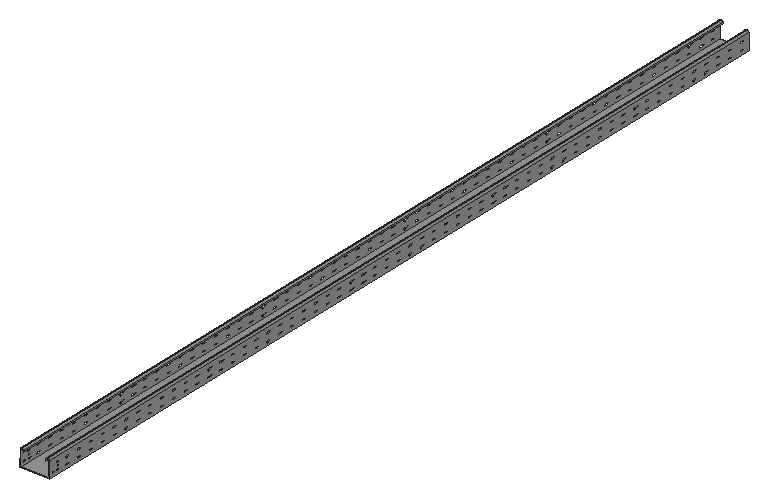
Revit family "Kabelrinne_rksm_A4_610_620_630_640_650_660", category Generic Models, Revit 2017 (continued)
Dimensions and locks
  locked: cut or joined group 1 (Extrusion 1, Extrusion 5, Extrusion 8, Extrusion 10, Extrusion 11, Extrusion 13, Extrusion 14, Extrusion 15, Extrusion 16, Extrusion 17, Extrusion 18, Extrusion 19, Extrusion 20, Extrusion 21, Extrusion 22, Extrusion 23, Extrusion 24, Extrusion 25, Extrusion 26, Extrusion 27, Extrusion 28, Extrusion 29, Extrusion 30, Extrusion 31, Extrusion 32, Extrusion 33, Extrusion 34, Extrusion 35, Extrusion 36, Extrusion 37, Extrusion 38, Extrusion 39, Extrusion 40, Extrusion 41, Extrusion 42, Extrusion 43, Extrusion 44, Extrusion 45, Extrusion 46, Extrusion 47, Extrusion 48, Extrusion 49, Extrusion 50, Extrusion 51, Extrusion 52, Extrusion 53, Extrusion 54, Extrusion 55, Extrusion 56, Extrusion 57, Extrusion 58, Extrusion 59, Extrusion 60, Extrusion 61, Extrusion 62, Extrusion 63, Extrusion 64, Extrusion 65, Extrusion 66, Extrusion 67, Extrusion 68, Extrusion 69, Extrusion 70, Extrusion 71, Extrusion 72, Extrusion 73, Extrusion 74, Extrusion 75, Extrusion 76, Extrusion 77, Extrusion 78, Extrusion 79, Extrusion 80, Extrusion 81, Extrusion 82, Extrusion 83, Extrusion 84, Extrusion 85, Extrusion 86, Extrusion 87, Extrusion 88, Extrusion 89, Extrusion 90, Extrusion 91, Extrusion 92, Extrusion 93, Extrusion 94, Extrusion 95, Extrusion 96, Extrusion 97, Extrusion 98, Extrusion 99, Extrusion 100, Extrusion 101, Extrusion 102, Extrusion 103, Extrusion 104, Extrusion 105, Extrusion 106, Extrusion 107, Extrusion 108, Extrusion 109, Extrusion 110, Extrusion 111, Extrusion 112, Extrusion 113, Extrusion 114, Extrusion 115, Extrusion 116, Extrusion 117, Extrusion 118, Extrusion 119, Extrusion 120, Extrusion 121, Extrusion 122, Extrusion 123, Extrusion 124, Extrusion 125, Extrusion 126, Extrusion 127, Extrusion 128, Extrusion 129, Extrusion 130, Extrusion 131, Extrusion 132, Extrusion 133, Extrusion 134, Extrusion 135, Extrusion 136, Extrusion 137, Extrusion 138, Extrusion 139, Extrusion 140, Extrusion 141, Extrusion 142, Extrusion 143, Extrusion 144, Extrusion 145, Extrusion 146, Extrusion 147, Extrusion 148, Extrusion 149, Extrusion 150, Extrusion 151, Extrusion 152, Extrusion 153, Extrusion 154, Extrusion 155, Extrusion 156, Extrusion 157, Extrusion 158, Extrusion 159, Extrusion 160, Extrusion 161, Extrusion 162, Extrusion 163, Extrusion 164, Extrusion 165, Extrusion 166, Extrusion 167, Extrusion 168, Extrusion 169, Extrusion 170, Extrusion 171, Extrusion 172, Extrusion 173, Extrusion 174, Extrusion 175, Extrusion 176, Extrusion 177, Extrusion 178, Extrusion 179, Extrusion 180, Extrusion 181, Extrusion 182, Extrusion 183, Extrusion 184, Extrusion 185, Extrusion 186, Extrusion 187, Extrusion 188, Extrusion 189, Extrusion 190, Extrusion 191, Extrusion 192, Extrusion 193, Extrusion 194, Extrusion 195, Extrusion 196, Extrusion 197, Extrusion 198, Extrusion 199, Extrusion 200, Extrusion 201, Extrusion 202, Extrusion 203, Extrusion 204, Extrusion 205, Extrusion 206, Extrusion 207, Extrusion 208, Extrusion 209, Extrusion 210, Extrusion 211, Extrusion 212, Extrusion 213, Extrusion 214, Extrusion 215, Extrusion 216, Extrusion 217, Extrusion 218, Extrusion 219, Extrusion 220, Extrusion 221, Extrusion 222, Extrusion 223, Extrusion 224, Extrusion 225, Extrusion 226, Extrusion 227, Extrusion 228, Extrusion 229, Extrusion 230, Extrusion 231, Extrusion 232, Extrusion 233, Extrusion 234, Extrusion 235, Extrusion 236, Extrusion 237, Extrusion 238, Extrusion 239, Extrusion 240, Extrusion 241, Extrusion 242, Extrusion 243, Extrusion 244, Extrusion 245, Extrusion 246, Extrusion 247, Extrusion 248, Extrusion 249, Extrusion 250, Extrusion 251, Extrusion 252, Extrusion 253, Extrusion 254, Extrusion 255, Extrusion 256, Extrusion 257, Extrusion 258, Extrusion 259, Extrusion 260, Extrusion 261, Extrusion 262, Extrusion 263, Extrusion 264, Extrusion 265, Extrusion 266, Extrusion 267, Extrusion 268, Extrusion 269, Extrusion 270, Extrusion 271, Extrusion 272, Extrusion 273, Extrusion 274, Extrusion 275, Extrusion 276, Extrusion 277) to Extrusion 275 sketch curve at 34
  locked: Extrusion 275 sketch curve to Extrusion 275 sketch curve at 7
  locked: Extrusion 275 sketch curve to cut or joined group 1 at 28
  locked: Extrusion 275 sketch curve to cut or joined group 1 at 43
  locked: plane 22 to plane 21 at 1
  locked: cut or joined group 1 to cut or joined group 1 at 18
  locked: Extrusion 276 sketch curve to Extrusion 276 sketch curve at 8  (x2)
  locked: cut or joined group 1 to Extrusion 276 sketch curve at 21
  locked: cut or joined group 1 to Extrusion 276 sketch curve at 31.512
  locked: cut or joined group 1 to cut or joined group 1 at 5  (x2)
  locked: plane 23 to plane 24 at 1
  locked: Extrusion 277 sketch curve to Extrusion 277 sketch curve at 8
  locked: Extrusion 277 sketch curve to cut or joined group 1 at 31.5
  locked: cut or joined group 1 to Extrusion 277 sketch curve at 21
  locked: cut or joined group 1 to Extrusion 277 sketch curve at 8
  locked: plane 26 to plane 25 at 1
  locked: Extrusion 277 to Extrusion 277 at 1.025
  plane 27 to plane 28 = 1 mm
  locked: plane 27 to plane 28 at 1
  radius of Extrusion 1 sketch curve = 6 mm  (x2)
  radius of Extrusion 241 sketch curve = 5.5 mm
  radius of Extrusion 242 sketch curve = 5.5 mm
  radius of Extrusion 243 sketch curve = 5.5 mm
  radius of Extrusion 244 sketch curve = 5.5 mm
  radius of Extrusion 245 sketch curve = 5.5 mm
  radius of Extrusion 246 sketch curve = 5.5 mm
  radius of Extrusion 247 sketch curve = 5.5 mm
  radius of Extrusion 248 sketch curve = 5.5 mm
  radius of Extrusion 249 sketch curve = 5.5 mm
  radius of Extrusion 250 sketch curve = 5.5 mm
  radius of Extrusion 251 sketch curve = 5.5 mm
  radius of Extrusion 252 sketch curve = 5.5 mm
  radius of Extrusion 253 sketch curve = 5.5 mm
  radius of Extrusion 254 sketch curve = 5.5 mm
  radius of Extrusion 255 sketch curve = 5.5 mm
  radius of Extrusion 256 sketch curve = 5.5 mm
  radius of Extrusion 257 sketch curve = 5.5 mm
  radius of Extrusion 258 sketch curve = 5.5 mm
  radius of Extrusion 259 sketch curve = 5.5 mm
  radius of Extrusion 260 sketch curve = 5.5 mm
  radius of Extrusion 261 sketch curve = 5.5 mm
  radius of Extrusion 262 sketch curve = 5.5 mm
  radius of Extrusion 263 sketch curve = 5.5 mm
  radius of Extrusion 264 sketch curve = 5.5 mm
  radius of Extrusion 265 sketch curve = 5.5 mm
  radius of Extrusion 266 sketch curve = 5.5 mm
  radius of Extrusion 267 sketch curve = 5.5 mm
  radius of Extrusion 268 sketch curve = 5.5 mm
  radius of Extrusion 269 sketch curve = 5.5 mm
  diameter of cut or joined group 1 = 11 mm  (x2)
  aligned and locked: level to plane 2
  aligned and locked: Extrusion 1 sketch curve to level
  aligned and locked: plane 5 to Extrusion 1 sketch curve  (x2)
  aligned and locked: Extrusion 1 to plane 10
  aligned and locked: Extrusion 1 to Extrusion 5  (x2)
  aligned and locked: Extrusion 5 sketch curve to Extrusion 5 sketch curve
  aligned and locked: Extrusion 8 sketch curve to Extrusion 8 sketch curve
  aligned and locked: Extrusion 9 sketch curve to Extrusion 9 sketch curve
  aligned and locked: Extrusion 1 to Extrusion 10  (x2)
